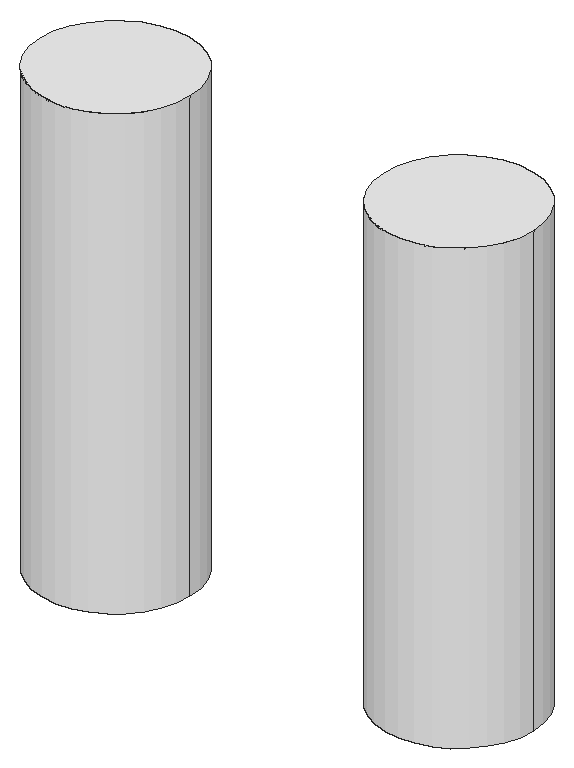
Revit family "55402203(2022)", category Plumbing Fixtures, Revit 2018
Family settings
  Round Connector Dimension = Use Diameter
  Part Type = Normal
  OmniClass Number = 23.45.55.00
  OmniClass Title = Sanitary Faucets, Wastes
  Work Plane-Based = No
  Always vertical = Yes
  Cut with Voids When Loaded = No
  Shared = No
  Room Calculation Point = No
Parameters (values of type "55402203 Washbasin faucet")
  Working Pressure = "50 - 1000 kPa"
  WarrantyStartDate [instance] = "n/a"
  WarrantyGuarantorParts = "n/a"
  WarrantyGuarantorLabor = "n/a"
  WarrantyDurationUnit = "Year"
  WarrantyDurationParts = "n/a"
  WarrantyDurationLabor = "n/a"
  WarrantyDescription = "http://warranty.hansa.com"
  Warranty Information URL = "http://warranty.hansa.com"
  VersionDate = "23/11/2022"
  Version = "1"
  ValvePattern = "n/a"
  ValveOperation = "n/a"
  ValveMechanism = "n/a"
  Uniclass2015Reference = "Pr_40_20_87_96"
  Uniclass2015Description = "Washbasin manual water supply sets"
  Uniclass2 = "Pr_40_30_96_96"
  URL UWL = "http://static.hansa.com/UWL/55402203"
  URL REACH = "http://static.hansa.com/doc/reach"
  URL Declaration of Conformity = "http://static.hansa.com/DoC/55402203"
  URL = ""
  UNSPSC Class Number = "30181700 Faucets or taps"
  Type Comments = ""
  TestPressure = "n/a"
  Technical DataSheet URL = "http://www.hansa.com/datasheet/55402203/en"
  TagNumber [instance] = "n/a"
  SustainabilityPerformance = "n/a"
  Surface treatment = "Chrome"
  Spout Type = "Fixed spout"
  Spout Projection = "101 mm"
  Size = "50x140x125 mm"
  Shape = "Sculptured"
  SerialNumber [instance] = "n/a"
  Sales Package dimensions (LxWxH) = "395 x 195 x 70"
  Revision = "n/a"
  ReplacementCost = "n/a"
  ProductInformation = "n/a"
  Product URL = "http://static.hansa.com/55402203"
  Product Image URL = "http://static.hansa.com/image/55402203"
  Product Family = "5160 "
  Product Code = "55402203"
  OperatingMechanismMaterial = "n/a"
  NominalWidth = 47.158 mm
  NominalHeight = 122.504 mm
  NominalDepth = 138.494 mm
  Noise Class = "I (ISO 3822)"
  Name_en = "55402203 Washbasin faucet"
  Name = "55402203 Washbasin faucet"
  NBSReference = "45-35-70/371"
  NBSDescription = "Water supply fittings for wash basins and troughs"
  Mounting Holes = "1 hole"
  ModelReference = "55402203"
  ModelNumber = "n/a"
  Model = "55402203 Washbasin faucet"
  Mobile Product Information URL = "http://mpi.hansa.com/55402203"
  Mechanical Parts = "ø 35 mm ceramic cartridge for flow and temperature control"
  Max. Hot Water Supply = 70 °C
  Material = "brassPlastic"
  Market = "International;Germany"
  ManufacturerURL = "http://www.hansa.com"
  ManufacturerName = "HANSA"
  Manufacturer = "HANSA"
  Lever Handle = "Hot/Cold symbols;Single operating lever/handle"
  Keynote = ""
  Interactive AR View URL = "https://static.hansa.com/AR/55402203"
  InstallationDate [instance] = "n/a"
  Installation Type = "Deck mounted"
  InletConnectionSize = 10 mm
  IfcExportType = "FAUCET"  # constant formula
  IfcExportAs = "IfcValveType"  # constant formula
  Group = "Washbasin faucet"
  Grade = "n/a"
  FlowCoefficient = 0
  Flow Rate At 300kPa With Flow Controller = 0.08 L/s
  Flow Drawing URL = "http://static.hansa.com/flowchart/55402203"
  Finish = "Polished"
  Features = "Single-lever"
  FaucetMainMaterial = Brass
  FDV Document URL = "http://www.hansa.com/datasheet/55402203/en/fdv"
  Extensions = "Pop-up waste with draw-rod"
  ExpectedLife = "n/a"
  ETIM Class Number = "EC011328 Washbasin mixing tap"
  EN Standard = "EN 817"
  EAN Number = "4057304018985"
  DurationUnit = "Year"
  Dimension Drawing URL = "http://static.hansa.com/dimdrw/55402203"
  Description = ""
  DefaultElevation [instance] = 900 mm
  Constituents = "n/a"
  Connection Size = "G3/8"
  Connection = "Flexible inlet pipes"
  Color = "Chrome"
  CodePerformance = "n/a"
  CloseOffRating = 0
  Catalog Drawing URL = "http://static.hansa.com/catdrw/55402203"
  Brand = "HANSA"
  BodyMaterial = "Brass"
  Barcode [instance] = "n/a"
  Backflow Prevention EN1717 = "AA"
  BIMObjectName = "55402203(2022)"
  Author = "BIMStone"
  AssetType = "Fixed"
  AssetIdentifier [instance] = "n/a"
  Aerator = "PCA® - constant flow rate regardless of pressure variations"
  Advanced Features = "Rapid installation system"
  AccessibilityPerformance = "n/a"
  3D View = "https://static.hansa.com/AR/55402203"
  2D/3D/BIM Files URL = "http://static.hansa.com/bim/55402203"
Reference planes
  plane 1 "Center (Front/Back)": y = 0
  plane 2: z = 0
  plane 3 "Center (Left/Right)": x = 0
  plane 4: x = -23.579
  plane 5: z = 900
  plane 6: z = 870
  plane 7: y = -138.494
  plane 8: x = 23.579
  plane 9: z = 1022.504
Forms (mm)
  Extrusion 1, solid, material "Brass" <- "FaucetMainMaterial"
    sketch origin (0, -2.393, 0) x (1, 0, 0) y (0, 1, 0)
      loop
        circle (-11.5, -22.5) r 5
      loop
        circle (11.5, -22.5) r 5
    from 870 to 900
Dimensions and locks
  "DefaultElevation": plane 5 to level
  locked: plane 5 to plane 6 at 30
  "NominalDepth": plane 7 to plane 1 "Center (Front/Back)"
  equal spacing: plane 4, plane 3 "Center (Left/Right)", plane 8
  "NominalHeight": plane 9 to plane 5
  "NominalWidth": plane 4 to plane 8
  "InletConnectionSize": diameter of Extrusion 1 sketch curve  (x2)
  aligned and locked: level to plane 2
  aligned and locked: plane 5 to Extrusion 1
  aligned and locked: Extrusion 1 to plane 6
  aligned and locked: plane 1 "Center (Front/Back)" to nested 2
  aligned and locked: plane 3 "Center (Left/Right)" to nested 2
  aligned and locked: plane 3 "Center (Left/Right)" to nested 1
  aligned and locked: plane 1 "Center (Front/Back)" to nested 1
  aligned and locked: plane 5 to nested 2
Automatic sketch dimensions
  Extrusion 1 sketch curve to plane 3 "Center (Left/Right)" = 11.5 mm
  plane 3 "Center (Left/Right)" to Extrusion 1 sketch curve = 11.5 mm
  plane 1 "Center (Front/Back)" to Extrusion 1 sketch curve = 24.893 mm  (x2)
Nested families
  nested 1: "Symbol" at (0, 0, 0), type "Symbol", detail levels coarse
  nested 2: "55402203_Body" at (0, 0, 900), Material <- "FaucetMainMaterial", type "55402203_Body"
    with Material Brass
Connectors
  piping at (-11.5, -24.893, 870), diameter 10, driven by "InletConnectionSize", driven by "Flow Rate At 300kPa With Flow Controller"
    settings: on Extrusion 1, index 1, connector inside diameter 609.6 mm, connector length 0 mm, flow factor 0, pipe flow 0.08 L/s, pressure drop 0.0 Pa, fitting loss kfactor 0, connector angle 0.00°, fixture units 0, engagement length 0 mm, angle of deflection 0.00°, flow configuration 1, flow direction 1, fitting loss method 0, system type 19, joint type 0, gender type 0, connector reference index -1, connector utility 0, adjustable connector no, is connector primary yes, connector description ""
  piping at (11.5, -24.893, 870), diameter 10, driven by "InletConnectionSize", driven by "Flow Rate At 300kPa With Flow Controller"
    settings: on Extrusion 1, index 2, connector inside diameter 609.6 mm, connector length 0 mm, flow factor 0, pipe flow 0.08 L/s, pressure drop 0.0 Pa, fitting loss kfactor 0, connector angle 0.00°, fixture units 0, engagement length 0 mm, angle of deflection 0.00°, flow configuration 1, flow direction 1, fitting loss method 0, system type 20, joint type 0, gender type 0, connector reference index -1, connector utility 0, adjustable connector no, is connector primary no, connector description ""
Definition of nested family "Symbol"
  Reference planes
    plane 1: y = 0
    plane 2: x = 0
  Lines and regions (mm)
    detail lines
      curve 1: line (0, 0, 0) -> (0, -1.8, 0)
      curve 2: line (-0.4, -1.1, 0) -> (0.4, -1.1, 0)
      curve 3: line (-0.4, -1.4, 0) -> (0.4, -1.4, 0)
      curve 4: line (0.863, 0, 0) -> (-0.863, 0, 0)
      curve 5: circle (-1.163, 0, 0) r 0.3 normal (0, 0, -1)
      curve 6: circle (1.163, 0, 0) r 0.3 normal (0, 0, 1)
Definition of nested family "55402203_Body"
  Parameters (values of type "55402203_Body")
    Material [instance] = none
  Reference planes
    plane 1 "Center (Front/Back)": y = 0
    plane 2: z = 0
    plane 3 "Center (Left/Right)": x = 0
    plane 4: z = 122.504
    plane 5: y = -138.494
    plane 6: x = -23.579
    plane 7: x = 23.579
  Forms (mm)
    Revolve 1, solid, material <- "Material", detail levels medium
      sketch origin (0, 0, 0) x (0, 1, 0) y (0, 0, 1)
        loop
          line (0.147, -7.757) -> (-2.408, 127.297) -> (-25.896, 127.297) -> (-23.341, -7.757) -> (0.147, -7.757)
        axis (-23.333, -8.201) -> (-25.896, 127.297)
      angle from 0 to 360
    Extrusion 2, void
      sketch origin (0, 0, 0) x (0, 1, 0) y (0, 0, 1)
        loop
          line (25.641, 122.104) -> (25.641, 142.777) -> (-138.494, 142.777) -> (-138.494, 122.104) -> (25.641, 122.104)
        loop
          line (25.641, 0) -> (-134.359, 0) -> (-134.359, -25) -> (25.641, -25) -> (25.641, 0)
      from -23.579 to 23.579
    Extrusion 3, solid, material <- "Material", detail levels medium
      sketch origin (0, 0, 0) x (0, 1, 0) y (0, 0, 1)
        loop
          line (-25.682, 117.297) -> (-25.682, 122.104) -> (-110.75, 122.104)
          arc (-110.75, 122.104) -> (-111.943, 121.076) -> (-111.103, 119.744) r 1.206
          line (-111.103, 119.744) -> (-103.108, 117.297) -> (-25.682, 117.297)
      from -22 to 22
    Extrusion 4, solid, material <- "Material", detail levels medium
      sketch origin (0, 0, 0) x (0, 1, 0) y (0, 0, 1)
        loop
          line (-23.504, 69.475) -> (-23.504, 89.465) -> (-137.334, 89.465)
          arc (-137.334, 89.465) -> (-138.154, 89.126) -> (-138.494, 88.305) r 1.16
          line (-138.494, 88.305) -> (-138.494, 86.465) -> (-109.067, 69.475) -> (-23.504, 69.475)
      from -20 to 20
    Revolve 5, solid, material <- "Material", detail levels medium
      sketch origin (0, 0, 0) x (0, 1, 0) y (0, 0, 1)
        loop
          line (-124.264, 69.526) -> (-113.922, 63.556) -> (-108.864, 72.317) -> (-119.206, 78.288) -> (-124.264, 69.526)
        axis (-124.264, 69.526) -> (-119.206, 78.288)
      angle from 0 to 360
    Sweep 6, solid, material <- "Material", detail levels medium
      path origin (0, 0, 0) x (0, 1, 0) y (0, 0, 1)
        loop
          line (22.407, 66.982) -> (13.353, 66.982)
          arc (13.353, 66.982) -> (8.708, 65.495) -> (5.789, 61.587) r 8
          line (5.789, 61.587) -> (-2.584, 37.27)
      profile origin (0, 17.88, 66.982) x (0, 0, -1) y (1, 0, 0)
        loop
          circle (0, 0) r 2
    Extrusion 7, solid, material <- "Material", detail levels coarse
      sketch origin (0, 0, 0) x (1, 0, 0) y (0, 1, 0)
        loop
          line (-23.579, 0) -> (-23.579, -138.494) -> (23.579, -138.494) -> (23.579, 0) -> (-23.579, 0)
      from 0 to 122.504
  Cuts and joins
    Extrusion 2 cuts Revolve 1
    joined: Revolve 1, Extrusion 3, Extrusion 4, Revolve 5, Sweep 6
  Lines and regions (mm)
    symbolic lines, detail levels medium+fine
      curve 1: line (0, 0, 0) -> (0, -46.976, 0)
      curve 2: line (0, -46.976, 0) -> (0, -46.349, 35.089)
      curve 3: line (0, 0, 0) -> (0, -0.693, 36.619)
      curve 4: line (0, -1.692, 89.465) -> (0, -2.732, 89.465)
      curve 5: line (0, -2.732, 89.465) -> (0, -6.367, 99.452)
      curve 7: line (0, -45.682, 91.465) -> (0, -43.74, 91.465)
      curve 9: line (0, -45.682, 110.297) -> (0, -45.682, 91.465)
      curve 10: line (0, -1.349, 102.446) -> (0, -1.65, 120.138)
      curve 11: line (0, -3.65, 122.104) -> (0, -110.75, 122.104)
      curve 12: line (0, -52.682, 117.297) -> (0, -103.108, 117.297)
      curve 13: line (0, -111.103, 119.744) -> (0, -103.108, 117.297)
      curve 14: arc (0, -110.75, 122.104) -> (0, -111.943, 121.076) -> (0, -111.103, 119.744) r 1.206
      curve 15: arc (0, -45.682, 110.297) -> (0, -47.733, 115.247) -> (0, -52.682, 117.297) r 7
      curve 16: arc (0, -1.65, 120.138) -> (0, -2.248, 121.53) -> (0, -3.65, 122.104) r 2
      curve 17: arc (0, -1.927, 101.523) -> (0, -1.501, 101.899) -> (0, -1.349, 102.446) r 1
      curve 18: line (0, -80.126, 69.475) -> (0, -109.067, 69.475)
      curve 19: arc (0, -46.349, 35.089) -> (0, -56.026, 59.366) -> (0, -80.126, 69.475) r 33.783
      curve 20: line (0, -138.494, 86.465) -> (0, -130.843, 82.048)
      curve 21: line (0, -138.494, 86.465) -> (0, -138.494, 88.305)
      curve 22: arc (0, -137.334, 89.465) -> (0, -138.154, 89.126) -> (0, -138.494, 88.305) r 1.16
      curve 23: line (0, -114.745, 64.031) -> (0, -133.783, 75.022)
      curve 24: line (0, -132.212, 79.677) -> (0, -130.843, 82.048)
      curve 25: line (0, -111.514, 67.727) -> (0, -110.145, 70.098)
      curve 27: line (0, -132.212, 79.677) -> (0, -131.858, 78.356)
      curve 28: line (0, -131.858, 78.356) -> (0, -133.783, 75.022)
      curve 29: line (0, -111.514, 67.727) -> (0, -112.812, 67.38)
      curve 30: line (0, -112.812, 67.38) -> (0, -114.745, 64.031)
      curve 31: line (0, -110.145, 70.098) -> (0, -109.067, 69.475)
      curve 33: line (0, -44.276, 89.465) -> (0, -43.74, 91.465)
      curve 34: line (0, 22.407, 68.982) -> (0, 13.353, 68.982)
      curve 35: arc (0, 13.353, 68.982) -> (0, 7.546, 67.123) -> (0, 3.898, 62.238) r 10
      curve 36: line (0, 3.898, 62.238) -> (0, -0.913, 48.266)
      curve 37: line (0, 22.407, 64.982) -> (0, 13.353, 64.982)
      curve 38: arc (0, 13.353, 64.982) -> (0, 9.869, 63.867) -> (0, 7.68, 60.936) r 6
      curve 39: line (0, 7.68, 60.936) -> (0, -0.693, 36.619)
      curve 40: line (0, 22.407, 64.982) -> (0, 22.407, 68.982)
      curve 42: line (0, -0.913, 48.266) -> (0, -1.692, 89.465)
      curve 44: line (0, -6.367, 99.452) -> (0, -1.927, 101.523)
      curve 45: line (0, -44.276, 89.465) -> (0, -137.334, 89.465)
      curve 47: line (-23.579, 0, 0) -> (-21.706, 0, 88.339)
      curve 48: arc (-21.706, 0, 88.339) -> (-21.363, 0, 89.135) -> (-20.562, 0, 89.465) r 1.15
      curve 49: line (-20.562, 0, 89.465) -> (-20.207, 0, 91.476)
      curve 50: line (-20.207, 0, 91.476) -> (-22.236, 0, 91.476)
      curve 51: line (-22.236, 0, 91.476) -> (-21.787, 0, 120.893)
      curve 52: line (0, 0, 122.504) -> (-20.518, 0, 122.164)
      curve 53: arc (-20.518, 0, 122.164) -> (-21.409, 0, 121.786) -> (-21.787, 0, 120.893) r 1.29
      curve 60: line (23.579, 0, 0) -> (21.706, 0, 88.339)
      curve 61: arc (21.706, 0, 88.339) -> (21.363, 0, 89.135) -> (20.562, 0, 89.465) r 1.15
      curve 62: line (20.562, 0, 89.465) -> (20.207, 0, 91.476)
      curve 63: line (20.207, 0, 91.476) -> (22.236, 0, 91.476)
      curve 64: line (22.236, 0, 91.476) -> (21.787, 0, 120.893)
      curve 65: line (0, 0, 122.504) -> (20.518, 0, 122.164)
      curve 66: arc (20.518, 0, 122.164) -> (21.409, 0, 121.786) -> (21.787, 0, 120.893) r 1.29
      curve 69: line (-23.579, 0, 0) -> (23.579, 0, 0)
      curve 75: arc (21.853, -32.435, 0) -> (20.092, -11.239, 0) -> (1.983, -0.084, 0) r 23.579
      curve 76: line (-21.853, -124.494, 0) -> (-21.853, -32.435, 0)
      curve 77: line (21.853, -124.494, 0) -> (21.853, -32.435, 0)
      curve 78: line (7.853, -138.494, 0) -> (-7.853, -138.494, 0)
      curve 79: arc (-7.853, -138.494, 0) -> (-17.752, -134.394, 0) -> (-21.853, -124.494, 0) r 14
      curve 80: arc (21.853, -124.494, 0) -> (17.752, -134.394, 0) -> (7.853, -138.494, 0) r 14
      curve 87: line (0, 22.407, 0) -> (-1.983, 22.407, 0)
      curve 88: line (-1.983, 22.407, 0) -> (-1.983, -0.084, 0)
      curve 90: line (0, 22.407, 0) -> (1.983, 22.407, 0)
      curve 91: line (1.983, 22.407, 0) -> (1.983, -0.084, 0)
      curve 93: arc (-1.983, -0.084, 0) -> (-20.092, -11.239, 0) -> (-21.853, -32.435, 0) r 23.579
    symbolic lines, detail levels fine
      curve 6: line (0, -22.289, 92.028) -> (0, -6.367, 99.452)
      curve 8: arc (0, -24.824, 91.465) -> (0, -23.526, 91.608) -> (0, -22.289, 92.028) r 6
      curve 26: line (0, -111.514, 67.727) -> (0, -132.212, 79.677)
      curve 32: line (0, -130.843, 82.048) -> (0, -110.145, 70.098)
      curve 41: line (0, -0.693, 36.619) -> (0, -0.913, 48.266)
      curve 43: line (0, -2.732, 89.465) -> (0, -44.276, 89.465)
      curve 46: line (0, -43.74, 91.465) -> (0, -24.824, 91.465)
      curve 54: line (0, 0, 117.297) -> (-17.265, 0, 117.297)
      curve 55: arc (-17.265, 0, 117.297) -> (-20.154, 0, 118.306) -> (-21.787, 0, 120.893) r 4.641
      curve 56: spline (11.975, 0, 70.093) -> (11.567, 0, 68.444) -> (10.371, 0, 66.907) -> (8.468, 0, 65.587) -> (5.988, 0, 64.574) -> (3.099, 0, 63.937) -> (0, 0, 63.72) -> (-3.099, 0, 63.937) -> (-5.988, 0, 64.574) -> (-8.468, 0, 65.587) -> (-10.371, 0, 66.907) -> (-11.567, 0, 68.444) -> (-11.975, 0, 70.093) -> (-11.567, 0, 71.743) -> (-10.371, 0, 73.28) -> (-8.468, 0, 74.6) -> (-5.988, 0, 75.612) -> (-3.099, 0, 76.249) -> (0, 0, 76.466) -> (3.099, 0, 76.249) -> (5.988, 0, 75.612) -> (8.468, 0, 74.6) -> (10.371, 0, 73.28) -> (11.567, 0, 71.743) -> (11.975, 0, 70.093)
      curve 57: line (-11.975, 0, 70.093) -> (-11.975, 0, 76.046)
      curve 58: spline (-11.975, 0, 76.046) -> (-11.567, 0, 77.695) -> (-10.371, 0, 79.232) -> (-8.468, 0, 80.552) -> (-5.988, 0, 81.565) -> (-3.099, 0, 82.201) -> (0, 0, 82.419) -> (3.099, 0, 82.201) -> (5.988, 0, 81.565) -> (8.468, 0, 80.552) -> (10.371, 0, 79.232) -> (11.567, 0, 77.695) -> (11.975, 0, 76.046)
      curve 59: line (11.975, 0, 70.093) -> (11.975, 0, 76.046)
      curve 67: line (0, 0, 117.297) -> (17.265, 0, 117.297)
      curve 68: arc (17.265, 0, 117.297) -> (20.154, 0, 118.306) -> (21.787, 0, 120.893) r 4.641
      curve 70: line (-20.562, 0, 89.465) -> (20.562, 0, 89.465)
      curve 71: line (20.207, 0, 91.476) -> (-20.207, 0, 91.476)
      curve 72: spline (20.24, 0, 79.358) -> (19.55, 0, 81.132) -> (17.528, 0, 82.785) -> (14.312, 0, 84.205) -> (10.12, 0, 85.294) -> (5.238, 0, 85.979) -> (0, 0, 86.213) -> (-5.238, 0, 85.979) -> (-10.12, 0, 85.294) -> (-14.312, 0, 84.205) -> (-17.528, 0, 82.785) -> (-19.55, 0, 81.132) -> (-20.24, 0, 79.358)
      curve 73: arc (-20.24, 0, 79.358) -> (-17.874, 0, 73.15) -> (-11.975, 0, 70.093) r 9.326
      curve 74: arc (20.24, 0, 79.358) -> (17.874, 0, 73.15) -> (11.975, 0, 70.093) r 9.326
      curve 81: line (6.853, -112.088, 0) -> (-6.853, -112.088, 0)
      curve 82: arc (-21.853, -97.088, 0) -> (-17.459, -107.695, 0) -> (-6.853, -112.088, 0) r 15
      curve 83: arc (6.853, -112.088, 0) -> (17.459, -107.695, 0) -> (21.853, -97.088, 0) r 15
      curve 84: arc (-21.853, -23.357, 0) -> (0, -1.504, 0) -> (21.853, -23.357, 0) r 21.853
      curve 85: line (-21.853, -32.435, 0) -> (-21.853, -23.357, 0)
      curve 86: line (21.853, -32.435, 0) -> (21.853, -23.357, 0)
      curve 89: line (-1.983, -0.853, 0) -> (0, -0.853, 0)
      curve 92: line (1.983, -0.853, 0) -> (0, -0.853, 0)
      curve 94: line (1.983, -0.084, 0) -> (1.983, -0.853, 0)
      curve 95: line (-1.983, -0.084, 0) -> (-1.983, -0.853, 0)
  Dimensions and locks
    aligned and locked: level to plane 2
